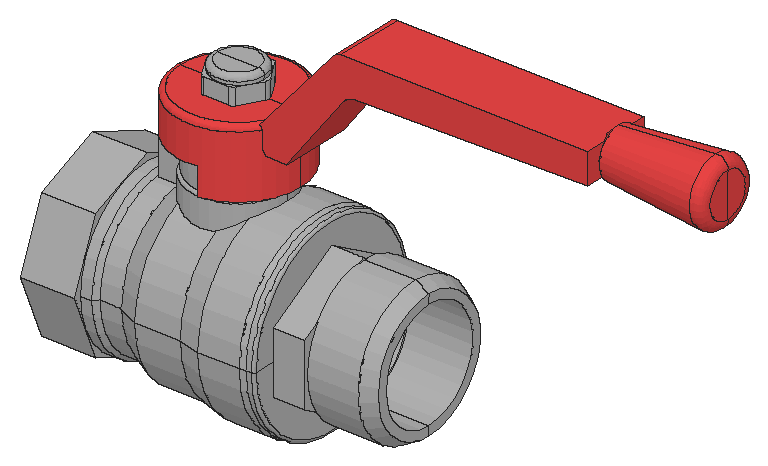
Revit family "QA01630000", category Apparecchi idraulici, Revit 2016
Family settings
  Tipo di parte = Normale
  Quota connettore circolare = Usa diametro
  Numero OmniClass = 23.45.00.00
  Titolo OmniClass = Sanitary, Laundry, and Cleaning Equipment
  Basato su piano di lavoro = No
  Sempre verticale = Sì
  Taglio con vuoti quando caricato = No
  Condiviso = No
  Punto di calcolo locali = No
Parameters
  URL = "https://web.cimberio.it/index.php/figura/800?subcategoria_id=42417"
  DN Model [instance] = QA01631020 : QA01631020
  DN [instance] = 20 mm
Reference planes
  plane 1 "Centro (Fronte/Retro)": y = 0
  plane 2: z = 0
  plane 3 "Centro (Sinistra/Destra)": x = 0
Dimensions and locks
  aligned and locked: level to plane 2
Nested families
  nested 1: "QA01631020" at (0, 0, 0), type <- "DN Model", type "QA01631020"
  nested 2: "QA01631020" at (0, 0, 0), type <- "DN Model", type "QA01631020"
  nested 3: "QA01631020" at (0, 0, 0), type <- "DN Model", type "QA01631020"
Connectors
  piping at (35.1, 0, 0), diameter 20, driven by "DN"
    settings: on nested 1, index 1, connector inside diameter 609.6 mm, connector length 0 mm, flow factor 0, pipe flow 0.0 L/s, pressure drop 0.0 Pa, fitting loss kfactor 0, connector angle 0.00°, fixture units 0, engagement length 0 mm, angle of deflection 0.00°, flow configuration 0, flow direction 0, fitting loss method 0, system type 7, joint type 0, gender type 0, connector reference index -1, connector utility 0, adjustable connector no, is connector primary yes, connector description ""
  piping at (-26.75, 0, 0), diameter 20, driven by "DN"
    settings: on nested 1, index 2, connector inside diameter 609.6 mm, connector length 0 mm, flow factor 0, pipe flow 0.0 L/s, pressure drop 0.0 Pa, fitting loss kfactor 0, connector angle 0.00°, fixture units 0, engagement length 0 mm, angle of deflection 0.00°, flow configuration 0, flow direction 0, fitting loss method 0, system type 7, joint type 0, gender type 0, connector reference index -1, connector utility 0, adjustable connector no, is connector primary no, connector description ""
Definition of nested family "QA01631020"
  Reference planes
    plane 1 "Centro (Fronte/Retro)": y = 0
    plane 2: z = 0
    plane 3 "Centro (Sinistra/Destra)": x = 0
  Forms (mm)
    Revolve 1, solid
      sketch origin (0, 0, 0.033) x (0, 1, 0) y (-1, 0, 0)
        loop
          line (10, 16.75) -> (10, -17.1) -> (17.25, -17.1)
          arc (17.25, -17.1) -> (17.604, -16.954) -> (17.75, -16.6) r 0.5
          line (17.75, -16.6) -> (17.75, -15.519) -> (18, -14.586) -> (18, -7) -> (16.85, -2.708) -> (16.85, 5.55) -> (14.75, 9.75) -> (14.75, 13.75) -> (15.5, 14.5) -> (15.5, 16.75) -> (10, 16.75)
        axis (0, 16.75) -> (0, -17.1)
      angle from 0 to 360
    Revolve 2, solid
      sketch origin (0, 0, 6.562) x (1, 0, 0) y (0, 0, 1)
        loop
          line (0.073, 22.3) -> (-8.613, 22.3) -> (-8.369, 13.347)
          arc (-8.369, 13.347) -> (-8.731, 13.138) -> (-8.874, 12.745) r 0.611
          line (-8.874, 12.745) -> (-8.874, 7.161) -> (0.073, 7.161) -> (0.073, 22.3)
        axis (0.073, 7.161) -> (0.073, 22.3)
      angle from 0 to 360
    Extrusion 3, solid
      sketch origin (0, 0, 6.562) x (1, 0, 0) y (0, 0, 1)
        loop
          line (-13.5, 18.145) -> (-13.5, 7.779) -> (-6.565, 7.779) -> (-6.565, 18.145) -> (-13.5, 18.145)
      from -1.5 to 1.5
    Revolve 4, solid
      sketch origin (0, 0, 3.719) x (1, 0, 0) y (0, 0, 1)
        loop
          line (0.001, 34.3) -> (0.001, 32.46) -> (4.75, 32.46) -> (4.75, 33.3)
          arc (4.75, 33.3) -> (4.457, 34.007) -> (3.751, 34.3) r 1
          line (3.751, 34.3) -> (0.001, 34.3)
        axis (0, 34.3) -> (0, 32.46)
      angle from 0 to 360
    Revolve 5, solid
      sketch origin (0, 0, 3.719) x (1, 0, 0) y (0, 0, 1)
        loop
          line (0, 29.8) -> (-10.5, 29.8)
          arc (-10.5, 29.8) -> (-11.207, 29.507) -> (-11.5, 28.8) r 1
          line (-11.5, 28.8) -> (-11.5, 17.288) -> (0, 17.288) -> (0, 29.8)
        axis (0, 29.8) -> (0, 17.288)
      angle from 0 to 360
    Extrusion 6, void
      sketch origin (0, 0, 54.034) x (0, 1, 0) y (-1, 0, 0)
        loop
          line (1.5, 7.302) -> (1.5, 13.521)
          arc (1.5, 13.521) -> (-9.655, 9.583) -> (-13.509, -1.6) r 13.603
          line (-13.509, -1.6) -> (-7.124, -1.6)
          arc (-7.124, -1.6) -> (-5.109, 5.076) -> (1.5, 7.302) r 7.603
      from -35.316 to -28.016
    Extrusion 7, solid
      sketch origin (0, 0, 54.034) x (0, 1, 0) y (-1, 0, 0)
        loop
          line (0.518, -5.473) -> (4.504, -3.172)
          arc (4.504, -3.172) -> (4.866, -2.81) -> (4.998, -2.315) r 0.989
          line (4.998, -2.315) -> (4.998, 2.303)
          arc (4.998, 2.303) -> (4.863, 2.807) -> (4.494, 3.177) r 1.009
          line (4.494, 3.177) -> (0.498, 5.484)
          arc (0.498, 5.484) -> (0, 5.617) -> (-0.498, 5.484) r 0.995
          line (-0.498, 5.484) -> (-4.517, 3.163)
          arc (-4.517, 3.163) -> (-4.869, 2.811) -> (-4.998, 2.329) r 0.963
          line (-4.998, 2.329) -> (-4.998, -2.293)
          arc (-4.998, -2.293) -> (-4.861, -2.807) -> (-4.485, -3.183) r 1.027
          line (-4.485, -3.183) -> (-0.518, -5.473)
          arc (-0.518, -5.473) -> (0, -5.612) -> (0.518, -5.473) r 1.037
      from -20.516 to -17.516
    Extrusion 8, solid
      sketch origin (0, 0, 3.719) x (1, 0, 0) y (0, 0, 1)
        loop
          line (8.289, 28.521) -> (10.254, 24.8) -> (14.168, 24.8) -> (24.699, 39.013)
          arc (24.699, 39.013) -> (25.386, 39.598) -> (26.261, 39.822) r 2
          line (26.261, 39.822) -> (69.405, 40.787) -> (69.405, 46.3) -> (24.117, 46.3)
          arc (24.117, 46.3) -> (23.271, 46.112) -> (22.584, 45.584) r 2
          line (22.584, 45.584) -> (8.289, 28.521)
      from -6.5 to 6.5
    Revolve 9, solid
      sketch origin (0, 0, 3.719) x (1, 0, 0) y (0, 0, 1)
        loop
          line (70, 48.05) -> (68.25, 46.3) -> (68.25, 43.543) -> (90, 43.543) -> (90, 47.605)
          arc (90, 47.605) -> (89.352, 49.079) -> (87.827, 49.597) r 2
          line (87.827, 49.597) -> (70, 48.05)
        axis (68.25, 43.543) -> (90, 43.543)
      angle from 0 to 360
    Extrusion 10, solid
      sketch origin (-16, 0, 0) x (0, 0, 1) y (0, 1, 0)
        loop
          circle (0, 0) r 9.967
        loop
          line (16.7, 0) -> (11.809, 11.809) -> (0, 16.7) -> (-11.809, 11.809) -> (-16.7, 0) -> (-11.809, -11.809) -> (0, -16.7) -> (11.809, -11.809) -> (16.7, 0)
      from 0.75 to 10.75
    Revolve 11, solid
      sketch origin (0, 0, 0) x (1, 0, 0) y (0, 0, 1)
        loop
          line (35.1, 11.682) -> (32.587, 13.133) -> (23.1, 13.133) -> (23.1, 10) -> (35.1, 10) -> (35.1, 11.682)
        axis (35.1, 0) -> (23.1, 0)
      angle from 0 to 360
    Extrusion 12, solid
      sketch origin (0, 0, 0) x (0, 1, 0) y (0, 0, 1)
        loop
          circle (0, 0) r 10
        loop
          line (0, 13.5) -> (-13.5, 5.706) -> (-13.5, -5.706) -> (0, -13.5) -> (13.5, -5.706) -> (13.5, 5.706) -> (0, 13.5)
      from 17.1 to 23.1
  Cuts and joins
    Extrusion 6 cuts Revolve 5
  Lines and regions (mm)
    model lines
      curve 1: line (-7.603, 0, 16.13) -> (7.75, 0, 16.13)
  Dimensions and locks
    aligned and locked: level to plane 2
